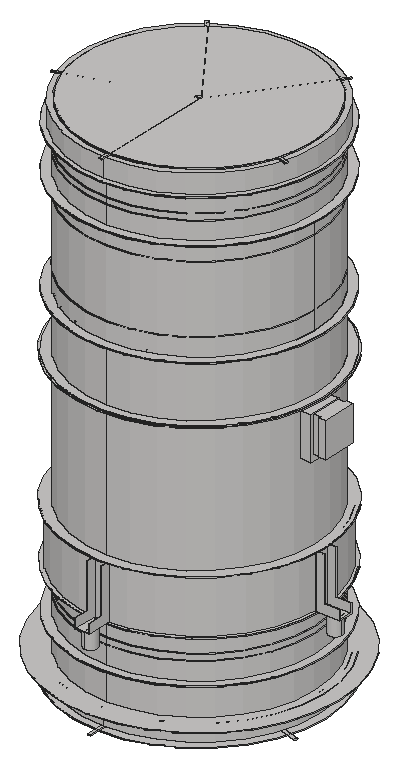
Revit family "HARMANN - REVIT - MAXEE - pionowy", category Wyposażenie mechaniczne, Revit 2025 (continued)
Definition of nested family "HARMANN - Akcesoria - RVS"
  Dimensions and locks
    "E": plane 1 "Center (Front/Back)" to plane 8
    "B": diameter of Sweep 1 sketch curve
    "B": diameter of Sweep 2 sketch curve
    "A2": diameter of Sweep 2 sketch curve
    "B": diameter of Sweep 3 sketch curve
    "A2": diameter of Sweep 3 sketch curve
    "A2": diameter of Sweep 4 sketch curve
    "B2": diameter of Sweep 1 sketch curve
    aligned and locked: level to plane 2
    aligned and locked: Sweep 1 sketch curve to plane 3 "Center (Left/Right)"
    aligned and locked: plane 10 to Sweep 1 sketch curve
    aligned and locked: plane 9 "Center L/S" to Sweep 1 sketch curve
    aligned and locked: Sweep 2 sketch curve to plane 3 "Center (Left/Right)"
    aligned and locked: plane 8 to Sweep 2 sketch curve
    aligned and locked: plane 10 to Sweep 2 sketch curve
    aligned and locked: plane 1 "Center (Front/Back)" to Sweep 3 sketch curve
    aligned and locked: plane 9 "Center L/S" to Sweep 3 sketch curve
    aligned and locked: plane 8 to Sweep 4 sketch curve
    aligned and locked: plane 1 "Center (Front/Back)" to Sweep 4 sketch curve
  Automatic sketch dimensions
    Sweep 3 sketch curve to plane 3 "Center (Left/Right)" = 0.00 mm
    Sweep 4 sketch curve to plane 3 "Center (Left/Right)" = 0.00 mm
    Sweep 1 sketch curve to Sweep 1 sketch curve = 0.00 mm  (x2)
    Sweep 1 sketch curve to level = 0.00 mm
    profile plane to Sweep 1 sketch curve = 0.00 mm
    Sweep 2 sketch curve to Sweep 2 sketch curve = 0.00 mm  (x2)
    Sweep 2 sketch curve to level = 0.00 mm
    profile plane to Sweep 2 sketch curve = 0.00 mm
    Sweep 3 sketch curve to Sweep 3 sketch curve = 0.00 mm  (x2)
    Sweep 3 sketch curve to level = 0.00 mm
    profile plane to Sweep 3 sketch curve = 0.00 mm
    Sweep 4 sketch curve to level = 0.00 mm
    profile plane to Sweep 4 sketch curve = 0.00 mm
Definition of nested family "HARMANN - Akcesoria - RVK"
  Parameters (values of type "RVK 315")
    Numer artykułu = size_lookup(Lookup Table Name, "Numer artykułu", "n/a", N1)  # "15387300"
    N1 = 1 mm
    Model = size_lookup(Lookup Table Name, "Model", "n/a", N1)  # "RVK 315"
    Manufacturer = "Harmann Polska Sp. z o.o."  # constant formula
    Lookup Table Name = "RVK"
    Instalacja Pionowa [instance] = yes
    E = size_lookup(Lookup Table Name, "E", 1.00 mm, N1)  # 233.00 mm
    Description = "Klapa zwrotna - instalacja pionowa"  # constant formula
    Default Elevation = 1219.20 mm
    D = B + 4.00 mm  # 319.00 mm
    B = size_lookup(Lookup Table Name, "B", 1.00 mm, N1)  # 315.00 mm
    A2 = A + 30.00 mm  # 385.00 mm
    A = size_lookup(Lookup Table Name, "A", 1.00 mm, N1)  # 355.00 mm
  Types (13, lengths in mm): name | Numer artykułu | N1 | Model | E | D | B | A2 | A
    RVK 315 | "15387300" | 1 | "RVK 315" | 233.00 | 319.00 | 315.00 | 385.00 | 355.00
    RVK 355 | "15388900" | 2 | "RVK 355" | 233.00 | 359.00 | 355.00 | 425.00 | 395.00
    RVK 400 | "15370100" | 3 | "RVK 400" | 218.00 | 404.00 | 400.00 | 480.00 | 450.00
    RVK 450 | "15389500" | 4 | "RVK 450" | 218.00 | 454.00 | 450.00 | 530.00 | 500.00
    RVK 500 | "15390000" | 5 | "RVK 500" | 441.00 | 504.00 | 500.00 | 590.00 | 560.00
    RVK 560 | "15390600" | 6 | "RVK 560" | 441.00 | 564.00 | 560.00 | 650.00 | 620.00
    RVK 630 | "15391000" | 7 | "RVK 630" | 441.00 | 634.00 | 630.00 | 720.00 | 690.00
    RVK 710 | "15391400" | 8 | "RVK 710" | 431.00 | 714.00 | 710.00 | 800.00 | 770.00
    RVK 800 | "15773600" | 9 | "RVK 800" | 431.00 | 804.00 | 800.00 | 890.00 | 860.00
    RVK 900 | "15775500" | 10 | "RVK 900" | 421.00 | 904.00 | 900.00 | 1000.00 | 970.00
    RVK 1000 | "15776600" | 11 | "RVK 1000" | 576.00 | 1004.00 | 1000.00 | 1100.00 | 1070.00
    RVK 1120 | "15783700" | 12 | "RVK 1120" | 566.00 | 1124.00 | 1120.00 | 1220.00 | 1190.00
    RVK 1250 | "15784700" | 13 | "RVK 1250" | 566.00 | 1254.00 | 1250.00 | 1350.00 | 1320.00
  Reference planes
    plane 1 "Center (Front/Back)": y = 0
    plane 2: z = 0
    plane 3 "Center (Left/Right)": x = 0
    plane 4: x = -177.5
    plane 5: x = 177.5
    plane 6: z = 177.5
    plane 7: z = -177.5
    plane 8: y = 233
    plane 9 "Center L/S": y = 3
    plane 10: y = 230
    plane 11: y = 133
    plane 12: y = 100
    plane 13 "Center L/T": y = 13
    plane 14 "Center L/U": y = 16
  Forms (mm)
    Sweep 1, solid, detail levels medium+fine
      path origin (0, 0, 0) x (1, 0, 0) y (0, 1, 0)
        loop
          line (0, 230) -> (0, 3)
      profile origin (0, 116.5, 0) x (1, 0, 0) y (0, 0, 1)
        loop
          circle (0, 0) r 159.5
        loop
          circle (0, 0) r 157.5
    Sweep 2, solid, detail levels medium+fine
      path origin (0, 0, 0) x (1, 0, 0) y (0, 1, 0)
        loop
          line (0, 233) -> (0, 230)
      profile origin (0, 231.5, 0) x (1, 0, 0) y (0, 0, 1)
        loop
          circle (0, 0) r 192.5
        loop
          circle (0, 0) r 157.5
    Sweep 3, solid, detail levels medium+fine
      path origin (0, 0, 0) x (1, 0, 0) y (0, 1, 0)
        loop
          line (0, 3) -> (0, 0)
      profile origin (0, 1.5, 0) x (1, 0, 0) y (0, 0, 1)
        loop
          circle (0, 0) r 192.5
        loop
          circle (0, 0) r 157.5
    Sweep 4, solid, detail levels coarse
      path origin (0, 0, 0) x (1, 0, 0) y (0, 1, 0)
        loop
          line (0, 233) -> (0, 0)
      profile origin (0, 116.5, 0) x (1, 0, 0) y (0, 0, 1)
        loop
          circle (0, 0) r 192.5
    Sweep 5, solid, detail levels medium+fine
      path origin (0, 0, 0) x (1, 0, 0) y (0, 1, 0)
        loop
          line (0, 102) -> (0, 98)
      profile origin (0, 100, 0) x (1, 0, 0) y (0, 0, 1)
        loop
          circle (0, 0) r 159.5
        loop
          circle (0, 0) r 157.5
    Sweep 6, solid, detail levels medium+fine
      path origin (0, 0, 0) x (1, 0, 0) y (0, 1, 0)
        loop
          line (0, 135) -> (0, 131)
      profile origin (0, 133, 0) x (1, 0, 0) y (0, 0, 1)
        loop
          circle (0, 0) r 159.5
        loop
          circle (0, 0) r 157.5
    Sweep 7, solid, detail levels medium+fine
      path origin (0, 0, 0) x (1, 0, 0) y (0, 1, 0)
        loop
          line (0, 16) -> (0, 13)
      profile origin (0, 14.5, 0) x (1, 0, 0) y (0, 0, 1)
        loop
          circle (0, 0) r 157.5
  Dimensions and locks
    equal spacing: plane 5, plane 3 "Center (Left/Right)", plane 4
    "A": plane 5 to plane 4
    equal spacing: plane 6, level, plane 7
    "A": plane 6 to plane 7
    locked: plane 1 "Center (Front/Back)" to plane 9 "Center L/S" at 3
    locked: plane 10 to plane 8 at 3
    locked: plane 11 to plane 8 at 100
    "E": plane 1 "Center (Front/Back)" to plane 8
    locked: plane 1 "Center (Front/Back)" to plane 12 at 100
    equal spacing: Sweep 5 sketch curve, plane 12, Sweep 5 sketch curve
    Sweep 5 sketch curve to Sweep 5 sketch curve = 4.00 mm
    locked: Sweep 6 sketch curve to Sweep 6 sketch curve at 4
    equal spacing: Sweep 6 sketch curve, plane 11, Sweep 6 sketch curve
    locked: plane 13 "Center L/T" to plane 14 "Center L/U" at 3
    locked: plane 9 "Center L/S" to plane 13 "Center L/T" at 10
    "B": diameter of Sweep 1 sketch curve
    "B": diameter of Sweep 2 sketch curve
    "A2": diameter of Sweep 2 sketch curve
    "B": diameter of Sweep 3 sketch curve
    "A2": diameter of Sweep 3 sketch curve
    "A2": diameter of Sweep 4 sketch curve
    "D": diameter of Sweep 1 sketch curve
    "D": diameter of Sweep 5 sketch curve
    "B": diameter of Sweep 5 sketch curve
    "D": diameter of Sweep 6 sketch curve
    "B": diameter of Sweep 6 sketch curve
    "B": diameter of Sweep 7 sketch curve
    aligned and locked: level to plane 2
    aligned and locked: Sweep 1 sketch curve to plane 3 "Center (Left/Right)"
    aligned and locked: plane 10 to Sweep 1 sketch curve
    aligned and locked: plane 9 "Center L/S" to Sweep 1 sketch curve
    aligned and locked: Sweep 2 sketch curve to plane 3 "Center (Left/Right)"
    aligned and locked: plane 8 to Sweep 2 sketch curve
    aligned and locked: plane 10 to Sweep 2 sketch curve
    aligned and locked: plane 1 "Center (Front/Back)" to Sweep 3 sketch curve
    aligned and locked: plane 9 "Center L/S" to Sweep 3 sketch curve
    aligned and locked: plane 8 to Sweep 4 sketch curve
    aligned and locked: plane 1 "Center (Front/Back)" to Sweep 4 sketch curve
    aligned and locked: plane 14 "Center L/U" to Sweep 7 sketch curve
    aligned and locked: plane 13 "Center L/T" to Sweep 7 sketch curve
  Automatic sketch dimensions
    Sweep 3 sketch curve to plane 3 "Center (Left/Right)" = 0.00 mm
    Sweep 4 sketch curve to plane 3 "Center (Left/Right)" = 0.00 mm
    Sweep 5 sketch curve to plane 3 "Center (Left/Right)" = 0.00 mm
    Sweep 6 sketch curve to plane 3 "Center (Left/Right)" = 0.00 mm
    Sweep 7 sketch curve to plane 3 "Center (Left/Right)" = 0.00 mm
    Sweep 1 sketch curve to Sweep 1 sketch curve = 0.00 mm  (x2)
    Sweep 1 sketch curve to level = 0.00 mm
    profile plane to Sweep 1 sketch curve = 0.00 mm
    Sweep 2 sketch curve to Sweep 2 sketch curve = 0.00 mm  (x2)
    Sweep 2 sketch curve to level = 0.00 mm
    profile plane to Sweep 2 sketch curve = 0.00 mm
    Sweep 3 sketch curve to Sweep 3 sketch curve = 0.00 mm  (x2)
    Sweep 3 sketch curve to level = 0.00 mm
    profile plane to Sweep 3 sketch curve = 0.00 mm
    Sweep 4 sketch curve to level = 0.00 mm
    profile plane to Sweep 4 sketch curve = 0.00 mm
    Sweep 5 sketch curve to Sweep 5 sketch curve = 0.00 mm  (x2)
    Sweep 5 sketch curve to level = 0.00 mm
    profile plane to Sweep 5 sketch curve = 0.00 mm
    Sweep 6 sketch curve to Sweep 6 sketch curve = 0.00 mm  (x2)
    Sweep 6 sketch curve to level = 0.00 mm
    profile plane to Sweep 6 sketch curve = 0.00 mm
    Sweep 7 sketch curve to level = 0.00 mm
    profile plane to Sweep 7 sketch curve = 0.00 mm
Definition of nested family "HARMANN - Akcesoria - RAF"
  Parameters (values of type "RAF 1250")
    Numer artykułu = size_lookup(Lookup Table Name, "Numer artykułu", "n/a", N1)  # "15750300"
    N1 = 13 mm
    Model = size_lookup(Lookup Table Name, "Model", "n/a", N1)  # "RAF 1250"
    Manufacturer = "Harmann Polska Sp. z o.o."  # constant formula
    Lookup Table Name = "RAF"
    E = size_lookup(Lookup Table Name, "E", 1.00 mm, N1)  # 105.00 mm
    Description = "Kołnierz wlotowy dedykowany dla wentylatorów kanałowych MAXEE."
    Default Elevation = 1219.20 mm
    B = size_lookup(Lookup Table Name, "B", 1.00 mm, N1)  # 1244.00 mm
    A2 = A + 30.00 mm  # 1350.00 mm
    B2 = B + 54.00 mm  # 1298.00 mm
    A = size_lookup(Lookup Table Name, "A", 1.00 mm, N1)  # 1320.00 mm
  Types (13, lengths in mm): name | Numer artykułu | N1 | Model | E | B | A2 | B2 | A
    RAF 1000 | "15741400" | 11 | "RAF 1000" | 110.00 | 994.00 | 1100.00 | 1048.00 | 1070.00
    RAF 315 | "15401600" | 1 | "RAF 315" | 48.00 | 310.00 | 385.00 | 364.00 | 355.00
    RAF 355 | "15401800" | 2 | "RAF 355" | 48.00 | 350.00 | 425.00 | 404.00 | 395.00
    RAF 400 | "15401900" | 3 | "RAF 400" | 40.00 | 395.00 | 480.00 | 449.00 | 450.00
    RAF 450 | "15402000" | 4 | "RAF 450" | 40.00 | 446.00 | 530.00 | 500.00 | 500.00
    RAF 500 | "15402100" | 5 | "RAF 500" | 63.00 | 495.00 | 590.00 | 549.00 | 560.00
    RAF 560 | "15402200" | 6 | "RAF 560" | 63.00 | 555.00 | 650.00 | 609.00 | 620.00
    RAF 630 | "15402300" | 7 | "RAF 630" | 63.00 | 625.00 | 720.00 | 679.00 | 690.00
    RAF 710 | "15402400" | 8 | "RAF 710" | 59.00 | 705.00 | 800.00 | 759.00 | 770.00
    RAF 800 | "15739500" | 9 | "RAF 800" | 58.00 | 794.00 | 890.00 | 848.00 | 860.00
    RAF 900 | "15740600" | 10 | "RAF 900" | 53.00 | 894.00 | 1000.00 | 948.00 | 970.00
    RAF 1120 | "15749700" | 12 | "RAF 1120" | 105.00 | 1114.00 | 1220.00 | 1168.00 | 1190.00
    RAF 1250 | "15750300" | 13 | "RAF 1250" | 105.00 | 1244.00 | 1350.00 | 1298.00 | 1320.00
  Reference planes
    plane 1 "Center (Front/Back)": y = 0
    plane 2: z = 0
    plane 3 "Center (Left/Right)": x = 0
    plane 4: x = -660
    plane 5: x = 660
    plane 6: z = 660
    plane 7: z = -660
    plane 8: y = 105
    plane 9 "Center L/S": y = 3
  Forms (mm)
    Sweep 1, solid, detail levels medium+fine
      path origin (0, 0, 0) x (1, 0, 0) y (0, 1, 0)
        loop
          line (0, 105) -> (0, 3)
      profile origin (0, 54, 0) x (1, 0, 0) y (0, 0, 1)
        loop
          circle (0, 0) r 622
        loop
          circle (0, 0) r 649
    Sweep 2, solid, detail levels medium+fine
      path origin (0, 0, 0) x (1, 0, 0) y (0, 1, 0)
        loop
          line (0, 3) -> (0, 0)
      profile origin (0, 1.5, 0) x (1, 0, 0) y (0, 0, 1)
        loop
          circle (0, 0) r 675
        loop
          circle (0, 0) r 622
    Sweep 3, solid, detail levels coarse
      path origin (0, 0, 0) x (1, 0, 0) y (0, 1, 0)
        loop
          line (0, 105) -> (0, 0)
      profile origin (0, 52.5, 0) x (1, 0, 0) y (0, 0, 1)
        loop
          circle (0, 0) r 675
  Dimensions and locks
    equal spacing: plane 5, plane 3 "Center (Left/Right)", plane 4
    "A": plane 5 to plane 4
    equal spacing: plane 6, level, plane 7
    "A": plane 6 to plane 7
    locked: plane 1 "Center (Front/Back)" to plane 9 "Center L/S" at 3
    "E": plane 1 "Center (Front/Back)" to plane 8
    "B2": diameter of Sweep 1 sketch curve
    "B": diameter of Sweep 2 sketch curve
    "A2": diameter of Sweep 2 sketch curve
    "A2": diameter of Sweep 3 sketch curve
    "B": diameter of Sweep 1 sketch curve
    aligned and locked: level to plane 2
    aligned and locked: Sweep 1 sketch curve to plane 3 "Center (Left/Right)"
    aligned and locked: plane 9 "Center L/S" to Sweep 1 sketch curve
    aligned and locked: plane 1 "Center (Front/Back)" to Sweep 2 sketch curve
    aligned and locked: plane 9 "Center L/S" to Sweep 2 sketch curve
    aligned and locked: plane 8 to Sweep 3 sketch curve
    aligned and locked: plane 1 "Center (Front/Back)" to Sweep 3 sketch curve
    aligned and locked: plane 8 to Sweep 1 sketch curve
  Automatic sketch dimensions
    Sweep 2 sketch curve to plane 3 "Center (Left/Right)" = 0.00 mm
    Sweep 3 sketch curve to plane 3 "Center (Left/Right)" = 0.00 mm
    Sweep 1 sketch curve to Sweep 1 sketch curve = 0.00 mm  (x2)
    Sweep 1 sketch curve to level = 0.00 mm
    profile plane to Sweep 1 sketch curve = 0.00 mm
    Sweep 2 sketch curve to Sweep 2 sketch curve = 0.00 mm  (x2)
    Sweep 2 sketch curve to level = 0.00 mm
    profile plane to Sweep 2 sketch curve = 0.00 mm
    Sweep 3 sketch curve to level = 0.00 mm
    profile plane to Sweep 3 sketch curve = 0.00 mm
Definition of nested family "HARMANN - Akcesoria - SGE"
  Parameters (values of type "SGE 1000")
    Średnica wewnętrzna = 40.00 mm
    Numer artykułu = size_lookup(Lookup Table Name, "Numer artykułu", "n/a", N1)  # "15951800"
    N1 = 11 mm
    Model = size_lookup(Lookup Table Name, "Model", "n/a", N1)  # "SGE 1000"
    Manufacturer = "Harmann Polska Sp. z o.o."  # constant formula
    Lookup Table Name = "SGE"
    Default Elevation = 1219.20 mm
    Description = "Klapa zwrotna"  # constant formula
    B2 = B - 4.00 mm  # 981.00 mm
    B = size_lookup(Lookup Table Name, "B", 1.00 mm, N1)  # 985.00 mm
    A2 = A + 16.00 mm  # 1086.00 mm
    A = size_lookup(Lookup Table Name, "A", 1.00 mm, N1)  # 1070.00 mm
  Types (14, lengths in mm): name | Numer artykułu | N1 | Model | B2 | B | A2 | A
    SGE 315 | "15405800" | 1 | "SGE 315" | 307.00 | 311.00 | 371.00 | 355.00
    SGE 355 | "15406200" | 2 | "SGE 355" | 351.00 | 355.00 | 411.00 | 395.00
    SGE 400 | "15407400" | 3 | "SGE 400" | 395.00 | 399.00 | 466.00 | 450.00
    SGE 450 | "15407500" | 4 | "SGE 450" | 461.00 | 465.00 | 516.00 | 500.00
    SGE 500 | "15407600" | 5 | "SGE 500" | 505.00 | 509.00 | 576.00 | 560.00
    SGE 560 | "15407700" | 6 | "SGE 560" | 571.00 | 575.00 | 636.00 | 620.00
    SGE 630 | "15407900" | 7 | "SGE 630" | 637.00 | 641.00 | 706.00 | 690.00
    SGE 710 | "15408300" | 8 | "SGE 710" | 703.00 | 707.00 | 786.00 | 770.00
    SGE 800 | "15951600" | 9 | "SGE 800" | 781.00 | 785.00 | 876.00 | 860.00
    SGE 900 | "15951700" | 10 | "SGE 900" | 881.00 | 885.00 | 986.00 | 970.00
    SGE 1000 | "15951800" | 11 | "SGE 1000" | 981.00 | 985.00 | 1086.00 | 1070.00
    SGE 1120 | "15951900" | 12 | "SGE 1120" | 1101.00 | 1105.00 | 1206.00 | 1190.00
    SGE 1250 | "15952000" | 13 | "SGE 1250" | 1231.00 | 1235.00 | 1336.00 | 1320.00
    SGE 1400 | "16041800" | 14 | "SGE 1400" | 1381.00 | 1385.00 | 1486.00 | 1470.00
  Reference planes
    plane 1 "Center (Front/Back)": y = 0
    plane 2: z = 0
    plane 3 "Center (Left/Right)": x = 0
    plane 4 "Center L/S": y = 6.5
    plane 5 "Center L/T": y = 3.25
  Forms (mm)
    Sweep 1, solid, detail levels medium+fine
      path origin (0, 0, 0) x (1, 0, 0) y (0, 1, 0)
        loop
          line (0, 0) -> (0, 3.25)
      profile origin (0, 1.625, 0) x (-1, 0, 0) y (0, 0, 1)
        loop
          line (19.472, 4.567) -> (443.807, 312.865)
          arc (443.807, 312.865) -> (439.296, 319.167) -> (434.696, 325.405) r 543
          line (434.696, 325.405) -> (10.361, 17.107)
          arc (10.361, 17.107) -> (16.18, 11.756) -> (19.472, 4.567) r 20
        loop
          arc (-160.408, 518.766) -> (-167.796, 516.424) -> (-175.15, 513.976) r 543
          line (-175.15, 513.976) -> (-13.068, 15.14)
          arc (-13.068, 15.14) -> (-6.18, 19.021) -> (1.673, 19.93) r 20
          line (1.673, 19.93) -> (-160.408, 518.766)
        loop
          arc (-542.945, 7.75) -> (-543, 0) -> (-542.945, -7.75) r 543
          line (-542.945, -7.75) -> (-18.437, -7.75)
          arc (-18.437, -7.75) -> (-20, 0) -> (-18.437, 7.75) r 20
          line (-18.437, 7.75) -> (-542.945, 7.75)
        loop
          arc (-175.15, -513.976) -> (-167.796, -516.424) -> (-160.408, -518.766) r 543
          line (-160.408, -518.766) -> (1.673, -19.93)
          arc (1.673, -19.93) -> (-6.18, -19.021) -> (-13.068, -15.14) r 20
          line (-13.068, -15.14) -> (-175.15, -513.976)
        loop
          arc (434.696, -325.405) -> (439.296, -319.167) -> (443.807, -312.865) r 543
          line (443.807, -312.865) -> (19.472, -4.567)
          arc (19.472, -4.567) -> (16.18, -11.756) -> (10.361, -17.107) r 20
          line (10.361, -17.107) -> (434.696, -325.405)
    Sweep 2, solid, detail levels medium+fine
      path origin (0, 0, 0) x (1, 0, 0) y (0, 1, 0)
        loop
          line (0, 6.5) -> (0, 3.25)
      profile origin (0, 4.875, 0) x (1, 0, 0) y (0, 0, 1)
        loop
          circle (0, 0) r 12.5
        loop
          circle (0, 0) r 490.5
        loop
          circle (0, 0) r 9.5
    Sweep 3, solid, detail levels coarse
      path origin (0, 0, 0) x (1, 0, 0) y (0, 1, 0)
        loop
          line (0, 0) -> (0, 6.5)
      profile origin (0, 3.25, 0) x (-1, 0, 0) y (0, 0, 1)
        loop
          circle (0, 0) r 535
  Dimensions and locks
    locked: plane 1 "Center (Front/Back)" to plane 4 "Center L/S" at 6.5
    equal spacing: plane 1 "Center (Front/Back)", plane 5 "Center L/T", plane 4 "Center L/S"
    "B2": diameter of Sweep 2 sketch curve
    "A": diameter of Sweep 3 sketch curve
    "A2": diameter of Sweep 1 sketch curve  (x5)
    "Średnica wewnętrzna": diameter of Sweep 1 sketch curve  (x5)
    locked: Sweep 1 sketch curve to Sweep 1 sketch curve (angle 72.00°)  (x9)
    aligned and locked: level to plane 2
    aligned and locked: Sweep 1 sketch curve to plane 3 "Center (Left/Right)"
    aligned and locked: plane 4 "Center L/S" to Sweep 2 sketch curve
    aligned and locked: plane 1 "Center (Front/Back)" to Sweep 1 sketch curve
    aligned and locked: plane 1 "Center (Front/Back)" to Sweep 3 sketch curve
    aligned and locked: plane 5 "Center L/T" to Sweep 1 sketch curve
    aligned and locked: plane 5 "Center L/T" to Sweep 2 sketch curve
    aligned and locked: plane 4 "Center L/S" to Sweep 3 sketch curve
  Automatic sketch dimensions
    Sweep 2 sketch curve to plane 3 "Center (Left/Right)" = 0.00 mm
    Sweep 3 sketch curve to plane 3 "Center (Left/Right)" = 0.00 mm
    Sweep 1 sketch curve to Sweep 1 sketch curve = 0.00 mm  (x90)
    Sweep 1 sketch curve to level = 0.00 mm
    Sweep 1 sketch curve to profile plane = 0.00 mm
    profile plane to Sweep 1 sketch curve = 13.068 mm  (x2)
    level to Sweep 1 sketch curve = 7.75 mm
    Sweep 1 sketch curve to level = 7.75 mm
    Sweep 1 sketch curve to Sweep 1 sketch curve = 14.741 mm  (x2)
    Sweep 1 sketch curve to Sweep 1 sketch curve = 8.688 mm  (x2)
    Sweep 1 sketch curve to level = 4.567 mm
    level to Sweep 1 sketch curve = 4.567 mm
    Sweep 2 sketch curve to Sweep 2 sketch curve = 0.00 mm  (x6)
    Sweep 2 sketch curve to level = 0.00 mm
    profile plane to Sweep 2 sketch curve = 0.00 mm
    Sweep 3 sketch curve to level = 0.00 mm
    Sweep 3 sketch curve to profile plane = 0.00 mm
    radius of Sweep 2 sketch curve = 12.50 mm
    radius of Sweep 2 sketch curve = 9.50 mm
Types (40, lengths in mm): name | Zasilanie natężenie maksymalne Imax | Zasilanie Moc maksymalna Pmax | Zasilanie Częstotliwość Maksymalna fmax | Wysokość FSD | Wysokość FAL | Wysokość | TRA | R2 | Powietrze ciśnienie statyczne maksymalne dPmax | Powietrze Przepływ Maksymalny Qmax | Obroty nominalne nnom | Numer artykułu | N1 | Model | Moc akustyczna nominalna obudowa Lwa | Masa | MAXEE | Lookup Table Name | F | Długość TRA | Długość RVS SPR | Długość RVS | Długość RVK SPR | Długość RVK | Długość EXP od strony tłoczonej SPR | Długość EXP SPR | Długość EXP | Długość RAF SPR | Długość RAF | Długość MR | Długość MAXEE | Długość ESD SPR | Długość ESD | D2 | D | Czy Złącze Elastyczne EXP | Czy Dysza wlotowa ESD | Ciśnienie akustyczne nominalne obudowa Lpa | C | B | Akc SGE dla ESD | Akc SGE | Akc RVS | Akc RVK | Akc EXP | Akc RAF | Akc MR | Akc ESD | A
  MAXEE 1250/6/119600T | 68.8 A | 37683 W | 60 Hz | 94.00 | 270.00 | 498.00 | yes | 625.00 | 1015.0 Pa | 119640.0 m³/h | 1190.000 obr./min | "16259200" | 40 | "MAXEE 1250/6/119600T" | "96 dB(A)" | 550.00 kg | HARMANN - MAXEE : MAXEE 1250/6/119600T | "MAXEE" | 997.00 | 681.00 | 308.00 | 308.00 | 566.00 | 566.00 | 235.00 | 235.00 | 235.00 | 105.00 | 105.00 | 300.00 | 728.00 | 178.00 | 178.00 | 1256.00 | 1250.00 | yes | yes | "89 dB(A)" | 1320.00 | 728.00 | HARMANN - Akcesoria - SGE : SGE 1400 | HARMANN - Akcesoria - SGE : SGE 1250 | HARMANN - Akcesoria - RVS : RVS 1250 | HARMANN - Akcesoria - RVK : RVK 1250 | HARMANN - Akcesoria - EXP : EXP 1250 | HARMANN - Akcesoria - RAF : RAF 1250 | HARMANN - Akcesoria - MR : MR 1250 | HARMANN - Akcesoria - ESD : ESD 1250 | 1370.00
  MAXEE 1250/6/109300T | 52 A | 28129 W | 55 Hz | 94.00 | 270.00 | 498.00 | yes | 625.00 | 835.0 Pa | 109260.0 m³/h | 1080.000 obr./min | "16258300" | 39 | "MAXEE 1250/6/109300T" | "95 dB(A)" | 376.00 kg | HARMANN - MAXEE : MAXEE 1250/6/109300T | "MAXEE" | 997.00 | 681.00 | 308.00 | 308.00 | 566.00 | 566.00 | 235.00 | 235.00 | 235.00 | 105.00 | 105.00 | 300.00 | 728.00 | 178.00 | 178.00 | 1256.00 | 1250.00 | yes | yes | "88 dB(A)" | 1320.00 | 728.00 | HARMANN - Akcesoria - SGE : SGE 1400 | HARMANN - Akcesoria - SGE : SGE 1250 | HARMANN - Akcesoria - RVS : RVS 1250 | HARMANN - Akcesoria - RVK : RVK 1250 | HARMANN - Akcesoria - EXP : EXP 1250 | HARMANN - Akcesoria - RAF : RAF 1250 | HARMANN - Akcesoria - MR : MR 1250 | HARMANN - Akcesoria - ESD : ESD 1250 | 1370.00
  MAXEE 1250/6/98500T | 40.5 A | 21529 W | 50 Hz | 94.00 | 270.00 | 498.00 | yes | 625.00 | 670.0 Pa | 98520.0 m³/h | 990.000 obr./min | "16257900" | 38 | "MAXEE 1250/6/98500T" | "96 dB(A)" | 365.00 kg | HARMANN - MAXEE : MAXEE 1250/6/98500T | "MAXEE" | 997.00 | 681.00 | 308.00 | 308.00 | 566.00 | 566.00 | 235.00 | 235.00 | 235.00 | 105.00 | 105.00 | 300.00 | 728.00 | 178.00 | 178.00 | 1256.00 | 1250.00 | yes | yes | "89 dB(A)" | 1320.00 | 728.00 | HARMANN - Akcesoria - SGE : SGE 1400 | HARMANN - Akcesoria - SGE : SGE 1250 | HARMANN - Akcesoria - RVS : RVS 1250 | HARMANN - Akcesoria - RVK : RVK 1250 | HARMANN - Akcesoria - EXP : EXP 1250 | HARMANN - Akcesoria - RAF : RAF 1250 | HARMANN - Akcesoria - MR : MR 1250 | HARMANN - Akcesoria - ESD : ESD 1250 | 1370.00
  MAXEE 1250/6/79400T | 25.9 A | 10850 W | 40 Hz | 94.00 | 270.00 | 498.00 | yes | 625.00 | 420.0 Pa | 79450.0 m³/h | 780.000 obr./min | "16257300" | 37 | "MAXEE 1250/6/79400T" | "87 dB(A)" | 280.00 kg | HARMANN - MAXEE : MAXEE 1250/6/79400T | "MAXEE" | 874.00 | 681.00 | 308.00 | 308.00 | 566.00 | 566.00 | 235.00 | 235.00 | 235.00 | 105.00 | 105.00 | 300.00 | 728.00 | 178.00 | 178.00 | 1256.00 | 1250.00 | yes | yes | "80 dB(A)" | 1320.00 | 728.00 | HARMANN - Akcesoria - SGE : SGE 1400 | HARMANN - Akcesoria - SGE : SGE 1250 | HARMANN - Akcesoria - RVS : RVS 1250 | HARMANN - Akcesoria - RVK : RVK 1250 | HARMANN - Akcesoria - EXP : EXP 1250 | HARMANN - Akcesoria - RAF : RAF 1250 | HARMANN - Akcesoria - MR : MR 1250 | HARMANN - Akcesoria - ESD : ESD 1250 | 1370.00
  MAXEE 1120/6/85800T | 37.8 A | 20147 W | 60 Hz | 94.00 | 270.00 | 433.00 | yes | 560.00 | 765.0 Pa | 85820.0 m³/h | 1190.000 obr./min | "16271100" | 36 | "MAXEE 1120/6/85800T" | "94 dB(A)" | 345.00 kg | HARMANN - MAXEE : MAXEE 1120/6/85800T | "MAXEE" | 967.00 | 681.00 | 308.00 | 308.00 | 566.00 | 566.00 | 235.00 | 235.00 | 235.00 | 105.00 | 105.00 | 300.00 | 728.00 | 178.00 | 178.00 | 1126.00 | 1120.00 | yes | yes | "87 dB(A)" | 1190.00 | 728.00 | HARMANN - Akcesoria - SGE : SGE 1250 | HARMANN - Akcesoria - SGE : SGE 1120 | HARMANN - Akcesoria - RVS : RVS 1120 | HARMANN - Akcesoria - RVK : RVK 1120 | HARMANN - Akcesoria - EXP : EXP 1120 | HARMANN - Akcesoria - RAF : RAF 1120 | HARMANN - Akcesoria - MR : MR 1120 | HARMANN - Akcesoria - ESD : ESD 1120 | 1240.00
  MAXEE 1120/6/71400T | 23.6 A | 12903 W | 50 Hz | 94.00 | 270.00 | 433.00 | yes | 560.00 | 545.0 Pa | 71380.0 m³/h | 990.000 obr./min | "16270700" | 35 | "MAXEE 1120/6/71400T" | "93 dB(A)" | 298.00 kg | HARMANN - MAXEE : MAXEE 1120/6/71400T | "MAXEE" | 844.00 | 681.00 | 308.00 | 308.00 | 566.00 | 566.00 | 235.00 | 235.00 | 235.00 | 105.00 | 105.00 | 300.00 | 728.00 | 178.00 | 178.00 | 1126.00 | 1120.00 | yes | yes | "86 dB(A)" | 1190.00 | 728.00 | HARMANN - Akcesoria - SGE : SGE 1250 | HARMANN - Akcesoria - SGE : SGE 1120 | HARMANN - Akcesoria - RVS : RVS 1120 | HARMANN - Akcesoria - RVK : RVK 1120 | HARMANN - Akcesoria - EXP : EXP 1120 | HARMANN - Akcesoria - RAF : RAF 1120 | HARMANN - Akcesoria - MR : MR 1120 | HARMANN - Akcesoria - ESD : ESD 1120 | 1240.00
  MAXEE 1120/6/62200T | 16.2 A | 7053 W | 45 Hz | 94.00 | 270.00 | 433.00 | yes | 560.00 | 390.0 Pa | 62250.0 m³/h | 860.000 obr./min | "16271500" | 34 | "MAXEE 1120/6/62200T" | "87 dB(A)" | 218.00 kg | HARMANN - MAXEE : MAXEE 1120/6/62200T | "MAXEE" | 745.00 | 681.00 | 308.00 | 308.00 | 566.00 | 566.00 | 235.00 | 235.00 | 235.00 | 105.00 | 105.00 | 300.00 | 728.00 | 178.00 | 178.00 | 1126.00 | 1120.00 | yes | yes | "80 dB(A)" | 1190.00 | 728.00 | HARMANN - Akcesoria - SGE : SGE 1120 | HARMANN - Akcesoria - SGE : SGE 1120 | HARMANN - Akcesoria - RVS : RVS 1120 | HARMANN - Akcesoria - RVK : RVK 1120 | HARMANN - Akcesoria - EXP : EXP 1120 | HARMANN - Akcesoria - RAF : RAF 1120 | HARMANN - Akcesoria - MR : MR 1120 | HARMANN - Akcesoria - ESD : ESD 1120 | 1240.00
  MAXEE 1000/4/76100T | 41.4 A | 23206 W | 50 Hz | 94.00 | 250.00 | 383.00 | yes | 500.00 | 970.0 Pa | 76095.0 m³/h | 1480.000 obr./min | "76095" | 33 | "MAXEE 1000/4/76100T" | "94 dB(A)" | 280.00 kg | HARMANN - MAXEE : MAXEE 1000/4/76100T | "MAXEE" | 834.00 | 591.00 | 318.00 | 318.00 | 576.00 | 576.00 | 245.00 | 245.00 | 245.00 | 110.00 | 110.00 | 300.00 | 638.00 | 178.00 | 178.00 | 1006.00 | 1000.00 | yes | yes | "87 dB(A)" | 1070.00 | 638.00 | HARMANN - Akcesoria - SGE : SGE 1120 | HARMANN - Akcesoria - SGE : SGE 1000 | HARMANN - Akcesoria - RVS : RVS 1000 | HARMANN - Akcesoria - RVK : RVK 1000 | HARMANN - Akcesoria - EXP : EXP 1000 | HARMANN - Akcesoria - RAF : RAF 1000 | HARMANN - Akcesoria - MR : MR 1000 | HARMANN - Akcesoria - ESD : ESD 1000 | 1110.00
  MAXEE 1000/4/75800T | 41.1 A | 22034 W | 50 Hz | 94.00 | 250.00 | 383.00 | yes | 500.00 | 980.0 Pa | 75810.0 m³/h | 1480.000 obr./min | "16264800" | 32 | "MAXEE 1000/4/75800T" | "91 dB(A)" | 313.00 kg | HARMANN - MAXEE : MAXEE 1000/4/75800T | "MAXEE" | 872.00 | 591.00 | 318.00 | 318.00 | 576.00 | 576.00 | 245.00 | 245.00 | 245.00 | 110.00 | 110.00 | 300.00 | 638.00 | 178.00 | 178.00 | 1006.00 | 1000.00 | yes | yes | "84 dB(A)" | 1070.00 | 638.00 | HARMANN - Akcesoria - SGE : SGE 1120 | HARMANN - Akcesoria - SGE : SGE 1000 | HARMANN - Akcesoria - RVS : RVS 1000 | HARMANN - Akcesoria - RVK : RVK 1000 | HARMANN - Akcesoria - EXP : EXP 1000 | HARMANN - Akcesoria - RAF : RAF 1000 | HARMANN - Akcesoria - MR : MR 1000 | HARMANN - Akcesoria - ESD : ESD 1000 | 1110.00
  MAXEE 1000/4/67500T | 32.8 A | 16042 W | 45 Hz | 94.00 | 250.00 | 383.00 | yes | 500.00 | 1160.0 Pa | 67550.0 m³/h | 1330.000 obr./min | "16263600" | 31 | "MAXEE 1000/4/67500T" | "89 dB(A)" | 264.00 kg | HARMANN - MAXEE : MAXEE 1000/4/67500T | "MAXEE" | 814.00 | 591.00 | 318.00 | 318.00 | 576.00 | 576.00 | 245.00 | 245.00 | 245.00 | 110.00 | 110.00 | 300.00 | 638.00 | 178.00 | 178.00 | 1006.00 | 1000.00 | yes | yes | "82 dB(A)" | 1070.00 | 638.00 | HARMANN - Akcesoria - SGE : SGE 1120 | HARMANN - Akcesoria - SGE : SGE 1000 | HARMANN - Akcesoria - RVS : RVS 1000 | HARMANN - Akcesoria - RVK : RVK 1000 | HARMANN - Akcesoria - EXP : EXP 1000 | HARMANN - Akcesoria - RAF : RAF 1000 | HARMANN - Akcesoria - MR : MR 1000 | HARMANN - Akcesoria - ESD : ESD 1000 | 1110.00
  MAXEE 1000/6/60100T | 21.5 A | 15647 W | 60 Hz | 94.00 | 250.00 | 383.00 | yes | 500.00 | 610.0 Pa | 60140.0 m³/h | 1185.000 obr./min | "16263100" | 30 | "MAXEE 1000/6/60100T" | "85 dB(A)" | 265.00 kg | HARMANN - MAXEE : MAXEE 1000/6/60100T | "MAXEE" | 814.00 | 591.00 | 318.00 | 318.00 | 576.00 | 576.00 | 245.00 | 245.00 | 245.00 | 110.00 | 110.00 | 300.00 | 638.00 | 178.00 | 178.00 | 1006.00 | 1000.00 | yes | yes | "78 dB(A)" | 1070.00 | 638.00 | HARMANN - Akcesoria - SGE : SGE 1120 | HARMANN - Akcesoria - SGE : SGE 1000 | HARMANN - Akcesoria - RVS : RVS 1000 | HARMANN - Akcesoria - RVK : RVK 1000 | HARMANN - Akcesoria - EXP : EXP 1000 | HARMANN - Akcesoria - RAF : RAF 1000 | HARMANN - Akcesoria - MR : MR 1000 | HARMANN - Akcesoria - ESD : ESD 1000 | 1110.00
  MAXEE 1000/4/60000T | 26.8 A | 11300 W | 40 Hz | 94.00 | 250.00 | 383.00 | yes | 500.00 | 600.0 Pa | 60040.0 m³/h | 1180.000 obr./min | "16261800" | 29 | "MAXEE 1000/4/60000T" | "85 dB(A)" | 220.00 kg | HARMANN - MAXEE : MAXEE 1000/4/60000T | "MAXEE" | 770.00 | 591.00 | 318.00 | 318.00 | 576.00 | 576.00 | 245.00 | 245.00 | 245.00 | 110.00 | 110.00 | 300.00 | 638.00 | 178.00 | 178.00 | 1006.00 | 1000.00 | yes | yes | "78 dB(A)" | 1070.00 | 638.00 | HARMANN - Akcesoria - SGE : SGE 1120 | HARMANN - Akcesoria - SGE : SGE 1000 | HARMANN - Akcesoria - RVS : RVS 1000 | HARMANN - Akcesoria - RVK : RVK 1000 | HARMANN - Akcesoria - EXP : EXP 1000 | HARMANN - Akcesoria - RAF : RAF 1000 | HARMANN - Akcesoria - MR : MR 1000 | HARMANN - Akcesoria - ESD : ESD 1000 | 1110.00
  MAXEE 1000/6/49300T | 14.4 A | 6663 W | 50 Hz | 94.00 | 250.00 | 383.00 | yes | 500.00 | 400.0 Pa | 49290.0 m³/h | 980.000 obr./min | "16265200" | 28 | "MAXEE 1000/6/49300T" | "85 dB(A)" | 195.00 kg | HARMANN - MAXEE : MAXEE 1000/6/49300T | "MAXEE" | 715.00 | 591.00 | 318.00 | 318.00 | 576.00 | 576.00 | 245.00 | 245.00 | 245.00 | 110.00 | 110.00 | 300.00 | 638.00 | 178.00 | 178.00 | 1006.00 | 1000.00 | yes | yes | "78 dB(A)" | 1070.00 | 638.00 | HARMANN - Akcesoria - SGE : SGE 1120 | HARMANN - Akcesoria - SGE : SGE 1000 | HARMANN - Akcesoria - RVS : RVS 1000 | HARMANN - Akcesoria - RVK : RVK 1000 | HARMANN - Akcesoria - EXP : EXP 1000 | HARMANN - Akcesoria - RAF : RAF 1000 | HARMANN - Akcesoria - MR : MR 1000 | HARMANN - Akcesoria - ESD : ESD 1000 | 1110.00
  MAXEE 900/4/60300T | 31 A | 17319 W | 55 Hz | 94.00 | 170.00 | 373.00 | no | 450.00 | 920.0 Pa | 60285.0 m³/h | 1630.000 obr./min | "16268300" | 27 | "MAXEE 900/4/60300T" | "90 dB(A)" | 244.80 kg | HARMANN - MAXEE : MAXEE 900/4/60300T | "MAXEE" | 794.00 | 591.00 | 318.00 | 318.00 | 421.00 | 421.00 | 245.00 | 245.00 | 245.00 | 53.00 | 53.00 | 300.00 | 638.00 | 178.00 | 178.00 | 906.00 | 900.00 | yes | yes | "83 dB(A)" | 970.00 | 638.00 | HARMANN - Akcesoria - SGE : SGE 1000 | HARMANN - Akcesoria - SGE : SGE 900 | HARMANN - Akcesoria - RVS : RVS 900 | HARMANN - Akcesoria - RVK : RVK 900 | HARMANN - Akcesoria - EXP : EXP 900 | HARMANN - Akcesoria - RAF : RAF 900 | HARMANN - Akcesoria - MR : MR 900 | HARMANN - Akcesoria - ESD : ESD 900 | 1010.00
  MAXEE 900/4/54700T | 25.2 A | 13233 W | 50 Hz | 94.00 | 170.00 | 373.00 | no | 450.00 | 760.0 Pa | 54730.0 m³/h | 1480.000 obr./min | "16267600" | 26 | "MAXEE 900/4/54700T" | "90 dB(A)" | 200.80 kg | HARMANN - MAXEE : MAXEE 900/4/54700T | "MAXEE" | 750.00 | 591.00 | 318.00 | 318.00 | 421.00 | 421.00 | 245.00 | 245.00 | 245.00 | 53.00 | 53.00 | 300.00 | 638.00 | 178.00 | 178.00 | 906.00 | 900.00 | yes | yes | "83 dB(A)" | 970.00 | 638.00 | HARMANN - Akcesoria - SGE : SGE 1000 | HARMANN - Akcesoria - SGE : SGE 900 | HARMANN - Akcesoria - RVS : RVS 900 | HARMANN - Akcesoria - RVK : RVK 900 | HARMANN - Akcesoria - EXP : EXP 900 | HARMANN - Akcesoria - RAF : RAF 900 | HARMANN - Akcesoria - MR : MR 900 | HARMANN - Akcesoria - ESD : ESD 900 | 1010.00
  MAXEE 900/4/49400T | 18.3 A | 9518 W | 45 Hz | 94.00 | 170.00 | 373.00 | no | 450.00 | 580.0 Pa | 49365.0 m³/h | 1320.000 obr./min | "16270200" | 25 | "MAXEE 900/4/49400T" | "87 dB(A)" | 169.20 kg | HARMANN - MAXEE : MAXEE 900/4/49400T | "MAXEE" | 670.00 | 591.00 | 318.00 | 318.00 | 421.00 | 421.00 | 245.00 | 245.00 | 245.00 | 53.00 | 53.00 | 300.00 | 638.00 | 178.00 | 178.00 | 906.00 | 900.00 | yes | yes | "80 dB(A)" | 970.00 | 638.00 | HARMANN - Akcesoria - SGE : SGE 1000 | HARMANN - Akcesoria - SGE : SGE 900 | HARMANN - Akcesoria - RVS : RVS 900 | HARMANN - Akcesoria - RVK : RVK 900 | HARMANN - Akcesoria - EXP : EXP 900 | HARMANN - Akcesoria - RAF : RAF 900 | HARMANN - Akcesoria - MR : MR 900 | HARMANN - Akcesoria - ESD : ESD 900 | 1010.00
  MAXEE 900/6/43400T | 13.1 A | 6601 W | 60 Hz | 94.00 | 170.00 | 373.00 | no | 450.00 | 990.0 Pa | 43390.0 m³/h | 1170.000 obr./min | "16269500" | 24 | "MAXEE 900/6/43400T" | "83 dB(A)" | 177.20 kg | HARMANN - MAXEE : MAXEE 900/6/43400T | "MAXEE" | 695.00 | 591.00 | 318.00 | 318.00 | 421.00 | 421.00 | 245.00 | 245.00 | 245.00 | 53.00 | 53.00 | 300.00 | 638.00 | 178.00 | 178.00 | 906.00 | 900.00 | yes | yes | "76 dB(A)" | 970.00 | 638.00 | HARMANN - Akcesoria - SGE : SGE 1000 | HARMANN - Akcesoria - SGE : SGE 900 | HARMANN - Akcesoria - RVS : RVS 900 | HARMANN - Akcesoria - RVK : RVK 900 | HARMANN - Akcesoria - EXP : EXP 900 | HARMANN - Akcesoria - RAF : RAF 900 | HARMANN - Akcesoria - MR : MR 900 | HARMANN - Akcesoria - ESD : ESD 900 | 1010.00
  MAXEE 900/4/43300T | 14.9 A | 6500 W | 40 Hz | 94.00 | 170.00 | 373.00 | no | 450.00 | 440.0 Pa | 43340.0 m³/h | 11700.000 obr./min | "16268800" | 23 | "MAXEE 900/4/43300T" | "84 dB(A)" | 158.20 kg | HARMANN - MAXEE : MAXEE 900/4/43300T | "MAXEE" | 725.00 | 591.00 | 318.00 | 318.00 | 421.00 | 421.00 | 245.00 | 245.00 | 245.00 | 53.00 | 53.00 | 300.00 | 638.00 | 178.00 | 178.00 | 906.00 | 900.00 | yes | yes | "77 dB(A)" | 970.00 | 638.00 | HARMANN - Akcesoria - SGE : SGE 1000 | HARMANN - Akcesoria - SGE : SGE 900 | HARMANN - Akcesoria - RVS : RVS 900 | HARMANN - Akcesoria - RVK : RVK 900 | HARMANN - Akcesoria - EXP : EXP 900 | HARMANN - Akcesoria - RAF : RAF 900 | HARMANN - Akcesoria - MR : MR 900 | HARMANN - Akcesoria - ESD : ESD 900 | 1010.00
  MAXEE 800/4/48700T | 23.9 A | 9704 W | 60 Hz | 94.00 | 160.00 | 328.00 | no | 400.00 | 900.0 Pa | 48730.0 m³/h | 1780.000 obr./min | "16246300" | 22 | "MAXEE 800/4/48700T" | "89 dB(A)" | 186.10 kg | HARMANN - MAXEE : MAXEE 800/4/48700T | "MAXEE" | 725.00 | 601.00 | 328.00 | 328.00 | 431.00 | 431.00 | 255.00 | 255.00 | 255.00 | 58.00 | 58.00 | 300.00 | 648.00 | 178.00 | 178.00 | 806.00 | 800.00 | yes | yes | "82 dB(A)" | 860.00 | 648.00 | HARMANN - Akcesoria - SGE : SGE 900 | HARMANN - Akcesoria - SGE : SGE 800 | HARMANN - Akcesoria - RVS : RVS 800 | HARMANN - Akcesoria - RVK : RVK 800 | HARMANN - Akcesoria - EXP : EXP 800 | HARMANN - Akcesoria - RAF : RAF 800 | HARMANN - Akcesoria - MR : MR 800 | HARMANN - Akcesoria - ESD : ESD 800 | 900.00
  MAXEE 800/4/39900T | 14.5 A | 7656 W | 50 Hz | 94.00 | 160.00 | 328.00 | no | 400.00 | 650.0 Pa | 39890.0 m³/h | 1480.000 obr./min | "16256400" | 21 | "MAXEE 800/4/39900T" | "88 dB(A)" | 153.10 kg | HARMANN - MAXEE : MAXEE 800/4/39900T | "MAXEE" | 670.00 | 601.00 | 328.00 | 328.00 | 431.00 | 431.00 | 255.00 | 255.00 | 255.00 | 58.00 | 58.00 | 300.00 | 648.00 | 178.00 | 178.00 | 806.00 | 800.00 | yes | yes | "81 dB(A)" | 860.00 | 648.00 | HARMANN - Akcesoria - SGE : SGE 900 | HARMANN - Akcesoria - SGE : SGE 800 | HARMANN - Akcesoria - RVS : RVS 800 | HARMANN - Akcesoria - RVK : RVK 800 | HARMANN - Akcesoria - EXP : EXP 800 | HARMANN - Akcesoria - RAF : RAF 800 | HARMANN - Akcesoria - MR : MR 800 | HARMANN - Akcesoria - ESD : ESD 800 | 900.00
  MAXEE 800/6/36800T | 12.1 A | 6296 W | 70 Hz | 94.00 | 160.00 | 328.00 | no | 400.00 | 530.0 Pa | 36860.0 m³/h | 1370.000 obr./min | "16254300" | 20 | "MAXEE 800/6/36800T" | "85 dB(A)" | 161.10 kg | HARMANN - MAXEE : MAXEE 800/6/36800T | "MAXEE" | 670.00 | 601.00 | 328.00 | 328.00 | 431.00 | 431.00 | 255.00 | 255.00 | 255.00 | 58.00 | 58.00 | 300.00 | 648.00 | 178.00 | 178.00 | 806.00 | 800.00 | yes | yes | "78 dB(A)" | 860.00 | 648.00 | HARMANN - Akcesoria - SGE : SGE 900 | HARMANN - Akcesoria - SGE : SGE 800 | HARMANN - Akcesoria - RVS : RVS 800 | HARMANN - Akcesoria - RVK : RVK 800 | HARMANN - Akcesoria - EXP : EXP 800 | HARMANN - Akcesoria - RAF : RAF 800 | HARMANN - Akcesoria - MR : MR 800 | HARMANN - Akcesoria - ESD : ESD 800 | 900.00
  MAXEE 800/4/31600T | 9.9 A | 4780 W | 40 Hz | 94.00 | 160.00 | 328.00 | no | 400.00 | 780.0 Pa | 31640.0 m³/h | 1180.000 obr./min | "16253000" | 19 | "MAXEE 800/4/31600T" | "81 dB(A)" | 142.10 kg | HARMANN - MAXEE : MAXEE 800/4/31600T | "MAXEE" | 516.00 | 601.00 | 328.00 | 328.00 | 431.00 | 431.00 | 255.00 | 255.00 | 255.00 | 58.00 | 58.00 | 300.00 | 648.00 | 178.00 | 178.00 | 806.00 | 800.00 | yes | yes | "74 dB(A)" | 860.00 | 648.00 | HARMANN - Akcesoria - SGE : SGE 900 | HARMANN - Akcesoria - SGE : SGE 800 | HARMANN - Akcesoria - RVS : RVS 800 | HARMANN - Akcesoria - RVK : RVK 800 | HARMANN - Akcesoria - EXP : EXP 800 | HARMANN - Akcesoria - RAF : RAF 800 | HARMANN - Akcesoria - MR : MR 800 | HARMANN - Akcesoria - ESD : ESD 800 | 900.00
  MAXEE 800/4/30800T | 9.8 A | 3816 W | 40 Hz | 94.00 | 160.00 | 328.00 | no | 400.00 | 380.0 Pa | 30800.0 m³/h | 1150.000 obr./min | "16252000" | 18 | "MAXEE 800/4/30800T" | "81 dB(A)" | 117.10 kg | HARMANN - MAXEE : MAXEE 800/4/30800T | "MAXEE_HT" | 516.00 | 601.00 | 328.00 | 328.00 | 431.00 | 431.00 | 255.00 | 255.00 | 255.00 | 58.00 | 58.00 | 300.00 | 648.00 | 178.00 | 178.00 | 806.00 | 800.00 | yes | yes | "74 dB(A)" | 860.00 | 648.00 | HARMANN - Akcesoria - SGE : SGE 900 | HARMANN - Akcesoria - SGE : SGE 800 | HARMANN - Akcesoria - RVS : RVS 800 | HARMANN - Akcesoria - RVK : RVK 800 | HARMANN - Akcesoria - EXP : EXP 800 | HARMANN - Akcesoria - RAF : RAF 800 | HARMANN - Akcesoria - MR : MR 800 | HARMANN - Akcesoria - ESD : ESD 800 | 900.00
  MAXEE 800/6/26500T | 5.2 A | 3298 W | 50 Hz | 94.00 | 160.00 | 328.00 | no | 400.00 | 280.0 Pa | 26520.0 m³/h | 980.000 obr./min | "16250100" | 17 | "MAXEE 800/6/26500T" | "80 dB(A)" | 114.10 kg | HARMANN - MAXEE : MAXEE 800/6/26500T | "MAXEE" | 516.00 | 601.00 | 328.00 | 328.00 | 431.00 | 431.00 | 255.00 | 255.00 | 255.00 | 58.00 | 58.00 | 300.00 | 648.00 | 178.00 | 178.00 | 806.00 | 800.00 | yes | yes | "73 dB(A)" | 860.00 | 648.00 | HARMANN - Akcesoria - SGE : SGE 900 | HARMANN - Akcesoria - SGE : SGE 800 | HARMANN - Akcesoria - RVS : RVS 800 | HARMANN - Akcesoria - RVK : RVK 800 | HARMANN - Akcesoria - EXP : EXP 800 | HARMANN - Akcesoria - RAF : RAF 800 | HARMANN - Akcesoria - MR : MR 800 | HARMANN - Akcesoria - ESD : ESD 800 | 900.00
  MAXEE 710/4/36500T | 14 A | 8500 W | 60 Hz | 57.00 | 119.00 | 303.50 | no | 355.00 | 715.0 Pa | 33665.0 m³/h | 1920.000 obr./min | "15414100" | 16 | "MAXEE 710/4/36500T" | "84 dB(A)" | 98.50 kg | HARMANN - MAXEE : MAXEE 710/4/36500T | "MAXEE" | 516.00 | 386.00 | 433.00 | 433.00 | 431.00 | 431.00 | 255.00 | 255.00 | 255.00 | 59.00 | 59.00 | 154.00 | 433.00 | 178.00 | 178.00 | 716.00 | 710.00 | yes | yes | "77 dB(A)" | 770.00 | 433.00 | HARMANN - Akcesoria - SGE : SGE 710 | HARMANN - Akcesoria - SGE : SGE 710 | HARMANN - Akcesoria - RVS : RVS 710 | HARMANN - Akcesoria - RVK : RVK 710 | HARMANN - Akcesoria - EXP : EXP 710 | HARMANN - Akcesoria - RAF : RAF 710 | HARMANN - Akcesoria - MR : MR 710 | HARMANN - Akcesoria - ESD : ESD 710 | 810.00
  MAXEE 710/6/22500T | 4.7 A | 2210 W | 60 Hz | 57.00 | 119.00 | 303.50 | no | 355.00 | 320.0 Pa | 22569.0 m³/h | 1180.000 obr./min | "15413800" | 15 | "MAXEE 710/6/22500T" | "73 dB(A)" | 72.50 kg | HARMANN - MAXEE : MAXEE 710/6/22500T | "MAXEE" | 600.00 | 386.00 | 433.00 | 433.00 | 431.00 | 431.00 | 255.00 | 255.00 | 255.00 | 59.00 | 59.00 | 154.00 | 433.00 | 178.00 | 178.00 | 716.00 | 710.00 | yes | yes | "66 dB(A)" | 770.00 | 433.00 | HARMANN - Akcesoria - SGE : SGE 710 | HARMANN - Akcesoria - SGE : SGE 710 | HARMANN - Akcesoria - RVS : RVS 710 | HARMANN - Akcesoria - RVK : RVK 710 | HARMANN - Akcesoria - EXP : EXP 710 | HARMANN - Akcesoria - RAF : RAF 710 | HARMANN - Akcesoria - MR : MR 710 | HARMANN - Akcesoria - ESD : ESD 710 | 810.00
  MAXEE 630/6/16100T | 3 A | 1240 W | 65 Hz | 57.00 | 99.00 | 273.50 | no | 315.00 | 260.0 Pa | 16170.0 m³/h | 1260.000 obr./min | "15415400" | 14 | "MAXEE 630/6/16100T" | "70 dB(A)" | 52.00 kg | HARMANN - MAXEE : MAXEE 630/6/16100T | "MAXEE" | 486.00 | 396.00 | 443.00 | 443.00 | 441.00 | 441.00 | 153.00 | 153.00 | 153.00 | 63.00 | 63.00 | 154.00 | 443.00 | 158.00 | 158.00 | 636.00 | 630.00 | yes | yes | "63 dB(A)" | 690.00 | 443.00 | HARMANN - Akcesoria - SGE : SGE 710 | HARMANN - Akcesoria - SGE : SGE 630 | HARMANN - Akcesoria - RVS : RVS 630 | HARMANN - Akcesoria - RVK : RVK 630 | HARMANN - Akcesoria - EXP : EXP 630 | HARMANN - Akcesoria - RAF : RAF 630 | HARMANN - Akcesoria - MR : MR 630 | HARMANN - Akcesoria - ESD : ESD 630 | 720.00
  MAXEE 630/4/24600T | 9.1 A | 5680 W | 65 Hz | 57.00 | 99.00 | 273.50 | no | 315.00 | 625.0 Pa | 24620.0 m³/h | 1910.000 obr./min | "15415200" | 13 | "MAXEE 630/4/24600T" | "79 dB(A)" | 65.20 kg | HARMANN - MAXEE : MAXEE 630/4/24600T | "MAXEE" | 504.00 | 396.00 | 443.00 | 443.00 | 441.00 | 441.00 | 153.00 | 153.00 | 153.00 | 63.00 | 63.00 | 154.00 | 443.00 | 158.00 | 158.00 | 636.00 | 630.00 | yes | yes | "72 dB(A)" | 690.00 | 443.00 | HARMANN - Akcesoria - SGE : SGE 710 | HARMANN - Akcesoria - SGE : SGE 630 | HARMANN - Akcesoria - RVS : RVS 630 | HARMANN - Akcesoria - RVK : RVK 630 | HARMANN - Akcesoria - EXP : EXP 630 | HARMANN - Akcesoria - RAF : RAF 630 | HARMANN - Akcesoria - MR : MR 630 | HARMANN - Akcesoria - ESD : ESD 630 | 720.00
  MAXEE 560/4/16500T | 4 A | 3160 W | 60 Hz | 57.00 | 99.00 | 238.50 | no | 280.00 | 430.0 Pa | 16580.0 m³/h | 1760.000 obr./min | "15416000" | 12 | "MAXEE 560/4/16500T" | "74 dB(A)" | 49.30 kg | HARMANN - MAXEE : MAXEE 560/4/16500T | "MAXEE_HT" | 474.00 | 396.00 | 443.00 | 443.00 | 441.00 | 441.00 | 153.00 | 153.00 | 153.00 | 63.00 | 63.00 | 154.00 | 443.00 | 140.00 | 140.00 | 566.00 | 560.00 | yes | yes | "67 dB(A)" | 620.00 | 443.00 | HARMANN - Akcesoria - SGE : SGE 630 | HARMANN - Akcesoria - SGE : SGE 560 | HARMANN - Akcesoria - RVS : RVS 560 | HARMANN - Akcesoria - RVK : RVK 560 | HARMANN - Akcesoria - EXP : EXP 560 | HARMANN - Akcesoria - RAF : RAF 560 | HARMANN - Akcesoria - MR : MR 560 | HARMANN - Akcesoria - ESD : ESD 560 | 650.00
  MAXEE 560/4/15300T | 3.4 A | 2580 W | 55 Hz | 57.00 | 99.00 | 238.50 | no | 280.00 | 350.0 Pa | 15380.0 m³/h | 1610.000 obr./min | "15415800" | 11 | "MAXEE 560/4/15300T" | "72 dB(A)" | 42.10 kg | HARMANN - MAXEE : MAXEE 560/4/15300T | "MAXEE" | 515.00 | 396.00 | 443.00 | 443.00 | 441.00 | 441.00 | 153.00 | 153.00 | 153.00 | 63.00 | 63.00 | 154.00 | 443.00 | 140.00 | 140.00 | 566.00 | 560.00 | yes | yes | "65 dB(A)" | 620.00 | 443.00 | HARMANN - Akcesoria - SGE : SGE 630 | HARMANN - Akcesoria - SGE : SGE 560 | HARMANN - Akcesoria - RVS : RVS 560 | HARMANN - Akcesoria - RVK : RVK 560 | HARMANN - Akcesoria - EXP : EXP 560 | HARMANN - Akcesoria - RAF : RAF 560 | HARMANN - Akcesoria - MR : MR 560 | HARMANN - Akcesoria - ESD : ESD 560 | 650.00
  MAXEE 500/2/19600T | 10.8 A | 5930 W | 50 Hz | 57.00 | 99.00 | 208.50 | no | 250.00 | 970.0 Pa | 19630.0 m³/h | 2955.000 obr./min | "15411800" | 10 | "MAXEE 500/2/19600T" | "85 dB(A)" | 69.30 kg | HARMANN - MAXEE : MAXEE 500/2/19600T | "MAXEE" | 515.00 | 396.00 | 443.00 | 443.00 | 441.00 | 441.00 | 153.00 | 153.00 | 153.00 | 63.00 | 63.00 | 154.00 | 443.00 | 125.00 | 125.00 | 506.00 | 500.00 | yes | yes | "78 dB(A)" | 560.00 | 443.00 | HARMANN - Akcesoria - SGE : SGE 560 | HARMANN - Akcesoria - SGE : SGE 500 | HARMANN - Akcesoria - RVS : RVS 500 | HARMANN - Akcesoria - RVK : RVK 500 | HARMANN - Akcesoria - EXP : EXP 500 | HARMANN - Akcesoria - RAF : RAF 500 | HARMANN - Akcesoria - MR : MR 500 | HARMANN - Akcesoria - ESD : ESD 500 | 590.00
  MAXEE 500/4/11600T | 2.5 A | 1820 W | 60 Hz | 57.00 | 99.00 | 208.50 | no | 250.00 | 360.0 Pa | 11640.0 m³/h | 1760.000 obr./min | "15411100" | 9 | "MAXEE 500/4/11600T" | "71 dB(A)" | 38.50 kg | HARMANN - MAXEE : MAXEE 500/4/11600T | "MAXEE" | 465.00 | 396.00 | 443.00 | 443.00 | 441.00 | 441.00 | 153.00 | 153.00 | 153.00 | 63.00 | 63.00 | 154.00 | 443.00 | 125.00 | 125.00 | 506.00 | 500.00 | yes | yes | "64 dB(A)" | 560.00 | 443.00 | HARMANN - Akcesoria - SGE : SGE 500 | HARMANN - Akcesoria - SGE : SGE 500 | HARMANN - Akcesoria - RVS : RVS 500 | HARMANN - Akcesoria - RVK : RVK 500 | HARMANN - Akcesoria - EXP : EXP 500 | HARMANN - Akcesoria - RAF : RAF 500 | HARMANN - Akcesoria - MR : MR 500 | HARMANN - Akcesoria - ESD : ESD 500 | 590.00
  MAXEE 450/2/15300T | 8.1 A | 6320 W | 55 Hz | 57.00 | 99.00 | 183.50 | no | 225.00 | 960.0 Pa | 15300.0 m³/h | 3220.000 obr./min | "15410600" | 8 | "MAXEE 450/2/15300T" | "83 dB(A)" | 45.60 kg | HARMANN - MAXEE : MAXEE 450/2/15300T | "MAXEE" | 465.00 | 321.00 | 368.00 | 368.00 | 218.00 | 218.00 | 105.00 | 105.00 | 105.00 | 40.00 | 40.00 | 154.00 | 368.00 | 112.00 | 112.00 | 456.00 | 450.00 | yes | yes | "76 dB(A)" | 500.00 | 368.00 | HARMANN - Akcesoria - SGE : SGE 500 | HARMANN - Akcesoria - SGE : SGE 450 | HARMANN - Akcesoria - RVS : RVS 450 | HARMANN - Akcesoria - RVK : RVK 450 | HARMANN - Akcesoria - EXP : EXP 450 | HARMANN - Akcesoria - RAF : RAF 450 | HARMANN - Akcesoria - MR : MR 450 | HARMANN - Akcesoria - ESD : ESD 450 | 530.00
  MAXEE 450/4/8400T | 1.4 A | 1130 W | 60 Hz | 57.00 | 99.00 | 183.50 | no | 225.00 | 280.0 Pa | 8460.0 m³/h | 1750.000 obr./min | "15410000" | 7 | "MAXEE 450/4/8400T" | "69 dB(A)" | 25.40 kg | HARMANN - MAXEE : MAXEE 450/4/8400T | "MAXEE" | 396.00 | 321.00 | 368.00 | 368.00 | 218.00 | 218.00 | 105.00 | 105.00 | 105.00 | 40.00 | 40.00 | 154.00 | 368.00 | 112.00 | 112.00 | 456.00 | 450.00 | yes | yes | "62 dB(A)" | 500.00 | 368.00 | HARMANN - Akcesoria - SGE : SGE 450 | HARMANN - Akcesoria - SGE : SGE 450 | HARMANN - Akcesoria - RVS : RVS 450 | HARMANN - Akcesoria - RVK : RVK 450 | HARMANN - Akcesoria - EXP : EXP 450 | HARMANN - Akcesoria - RAF : RAF 450 | HARMANN - Akcesoria - MR : MR 450 | HARMANN - Akcesoria - ESD : ESD 450 | 530.00
  MAXEE 400/2/10800T | 4.5 A | 3490 W | 55 Hz | 57.00 | 99.00 | 158.50 | no | 200.00 | 750.0 Pa | 10820.0 m³/h | 3210.000 obr./min | "15409600" | 6 | "MAXEE 400/2/10800T" | "77 dB(A)" | 29.70 kg | HARMANN - MAXEE : MAXEE 400/2/10800T | "MAXEE" | 396.00 | 321.00 | 368.00 | 368.00 | 218.00 | 218.00 | 105.00 | 105.00 | 105.00 | 40.00 | 40.00 | 154.00 | 368.00 | 100.00 | 100.00 | 406.00 | 400.00 | yes | yes | "70 dB(A)" | 450.00 | 368.00 | HARMANN - Akcesoria - SGE : SGE 450 | HARMANN - Akcesoria - SGE : SGE 400 | HARMANN - Akcesoria - RVS : RVS 400 | HARMANN - Akcesoria - RVK : RVK 400 | HARMANN - Akcesoria - EXP : EXP 400 | HARMANN - Akcesoria - RAF : RAF 400 | HARMANN - Akcesoria - MR : MR 400 | HARMANN - Akcesoria - ESD : ESD 400 | 480.00
  MAXEE 400/4/6800T | 1.3 A | 1010 W | 70 Hz | 57.00 | 99.00 | 158.50 | no | 200.00 | 300.0 Pa | 6890.0 m³/h | 2040.000 obr./min | "15409000" | 5 | "MAXEE 400/4/6900T" | "69 dB(A)" | 23.20 kg | HARMANN - MAXEE : MAXEE 400/4/6800T | "MAXEE" | 396.00 | 321.00 | 368.00 | 368.00 | 218.00 | 218.00 | 105.00 | 105.00 | 105.00 | 40.00 | 40.00 | 154.00 | 368.00 | 100.00 | 100.00 | 406.00 | 400.00 | yes | yes | "62 dB(A)" | 450.00 | 368.00 | HARMANN - Akcesoria - SGE : SGE 450 | HARMANN - Akcesoria - SGE : SGE 400 | HARMANN - Akcesoria - RVS : RVS 400 | HARMANN - Akcesoria - RVK : RVK 400 | HARMANN - Akcesoria - EXP : EXP 400 | HARMANN - Akcesoria - RAF : RAF 400 | HARMANN - Akcesoria - MR : MR 400 | HARMANN - Akcesoria - ESD : ESD 400 | 480.00
  MAXEE 355/2/6900T | 2.3 A | 1520 W | 50 Hz | 57.00 | 99.00 | 136.00 | no | 177.50 | 440.0 Pa | 6915.0 m³/h | 2910.000 obr./min | "15412500" | 4 | "MAXEE 355/2/6900T" | "73 dB(A)" | 21.20 kg | HARMANN - MAXEE : MAXEE 355/2/6900T | "MAXEE" | 396.00 | 336.00 | 368.00 | 368.00 | 233.00 | 233.00 | 120.00 | 120.00 | 120.00 | 48.00 | 48.00 | 154.00 | 383.00 | 89.00 | 89.00 | 361.00 | 355.00 | yes | yes | "66 dB(A)" | 395.00 | 383.00 | HARMANN - Akcesoria - SGE : SGE 400 | HARMANN - Akcesoria - SGE : SGE 355 | HARMANN - Akcesoria - RVS : RVS 355 | HARMANN - Akcesoria - RVK : RVK 355 | HARMANN - Akcesoria - EXP : EXP 355 | HARMANN - Akcesoria - RAF : RAF 355 | HARMANN - Akcesoria - MR : MR 355 | HARMANN - Akcesoria - ESD : ESD 355 | 420.00
  MAXEE 355/4/4800T | 0.8 A | 575 W | 70 Hz | 57.00 | 99.00 | 136.00 | no | 177.50 | 230.0 Pa | 4870.0 m³/h | 2050.000 obr./min | "15412300" | 3 | "MAXEE 355/4/4800T" | "65 dB(A)" | 20.30 kg | HARMANN - MAXEE : MAXEE 355/4/4800T | "MAXEE" | 396.00 | 336.00 | 368.00 | 368.00 | 233.00 | 233.00 | 120.00 | 120.00 | 120.00 | 48.00 | 48.00 | 154.00 | 383.00 | 89.00 | 89.00 | 361.00 | 355.00 | yes | yes | "58 dB(A)" | 395.00 | 383.00 | HARMANN - Akcesoria - SGE : SGE 400 | HARMANN - Akcesoria - SGE : SGE 355 | HARMANN - Akcesoria - RVS : RVS 355 | HARMANN - Akcesoria - RVK : RVK 355 | HARMANN - Akcesoria - EXP : EXP 355 | HARMANN - Akcesoria - RAF : RAF 355 | HARMANN - Akcesoria - MR : MR 355 | HARMANN - Akcesoria - ESD : ESD 355 | 420.00
